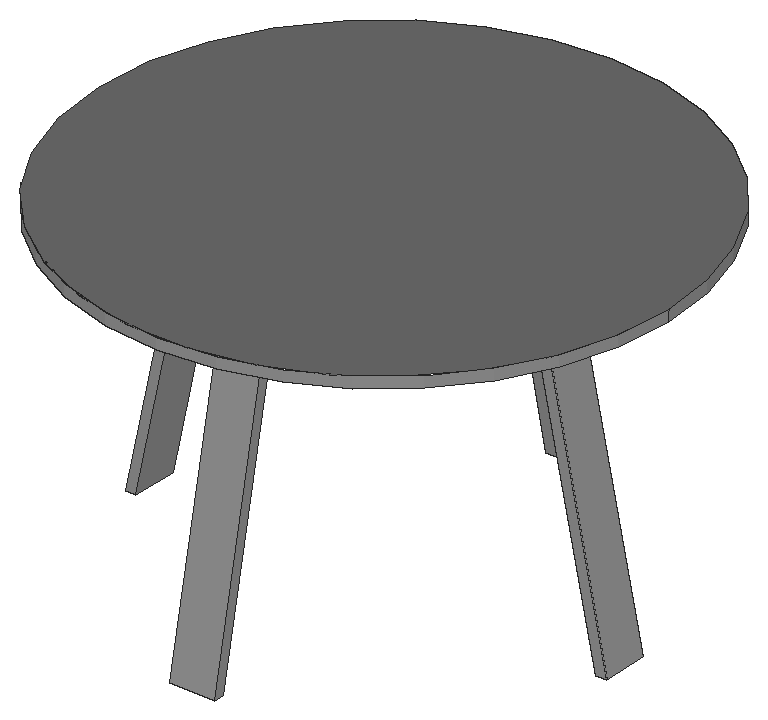
Revit family "Haworth_Cappellini_Bac_Table_Round_EU_PRELIMINARY", category Furniture, Revit 2018
Family settings
  OmniClass Number = 23.40.70.14.64.21
  OmniClass Title = Systems Furniture
  Work Plane-Based = No
  Always vertical = Yes
  Cut with Voids When Loaded = No
  Shared = No
  Room Calculation Point = No
Parameters (values of type "Round Table")
  Warranty = "http://www.haworth.com/resources/product-info/warranties"
  URL - Product = "https://www.haworth.com/eu/en/products/meeting-tables/bac-table.html"
  Top Finish [instance] = Haworth _ Linoleum _ Black E8-307
  Support Depth = 6.0027 cm  # constant formula
  Radius = Actual Width / 2  # 62.5 cm
  Model = "BAC4"  # constant formula
  URL = "https://www.haworth.com/eu/en.html"
  Support Height = 11 cm  # constant formula
  Size = "Verify Final Dim. w/ Haworth"  # constant formula
  Revision Number = "4"  # constant formula
  Manufacturer = "Haworth"  # constant formula
  Leg Depth = 10.0013 cm  # constant formula
  Description = "Haworth - Cappellini - Bac - Table - Round"  # constant formula
  Base Finish [instance] = Haworth _ Wood _ Undecided _ Tables
  Author = "Haworth (Hampton, Abd Rahman)"  # constant formula
  Assembly Code = "E2020200"
  Actual Width = 125 cm  # constant formula
  Actual Height = 74 cm  # constant formula
  Table Thickness = 2.5 cm  # constant formula
  Actual Depth = Actual Width  # 125 cm
Reference planes (cm)
  plane 1 "Center F/B": y = -0.403
  plane 2 "Floor": z = 0
  plane 3 "Center L/R": x = 0
  plane 4 "Table Edge Left": x = -62.5
  plane 5 "Table Edge Right": x = 62.5
  plane 6 "Table Edge Front": y = -62.903
  plane 7 "Table Edge Back": y = 62.097
  plane 8 "Table Top": z = 74
  plane 9 "masking region": z = 63
  plane 10 "Table Top Bottom": z = 71.5
  plane 11 "Leg Outside Back": y = 4.5976
  plane 12 "Leg Outside Front": y = -5.4036
  plane 13 "Leg Inside Back": y = 2.5984
  plane 14 "Leg Inside Front": y = -3.4044
  plane 15 "Leg Outside Left": x = -5.0006
  plane 16 "Leg Outside Right": x = 5.0006
  plane 17 "Leg Inside Left": x = -3.0014
  plane 18 "Leg Inside Right": x = 3.0014
Forms (cm)
  Extrusion 1, solid, material "Haworth _ Linoleum _ Black E8-307" <- "Top Finish"
    sketch origin (0, 0, 0) x (1, 0, 0) y (0, 1, 0)
      loop
        circle (0, -0.403) r 62.5
    from 71.5 to 74
  Extrusion 2, solid, material "Haworth _ Wood _ Undecided _ Tables" <- "Base Finish"
    sketch origin (0, -5.4036, 0) x (-1, 0, 0) y (0, 0, -1)
      loop
        line (52.7689, 0) -> (50.5197, 0) -> (35.4027, -71.5) -> (37.6518, -71.5) -> (52.7689, 0)
      loop
        line (-52.7689, 0) -> (-37.6518, -71.5) -> (-35.4027, -71.5) -> (-50.5197, 0) -> (-52.7689, 0)
    from -10.0005 to 0
  Extrusion 3, solid, material "Haworth _ Wood _ Undecided _ Tables" <- "Base Finish"
    sketch origin (0, -5.4036, 0) x (-1, 0, 0) y (0, 0, -1)
      loop
        line (35.4027, -71.5) -> (37.1998, -63) -> (-37.1998, -63) -> (-35.4027, -71.5) -> (35.4027, -71.5)
    from -8.002 to -1.9993
  Extrusion 4, solid, material "Haworth _ Wood _ Undecided _ Tables" <- "Base Finish"
    sketch origin (0, 0, 0) x (0, 1, 0) y (0, 0, 1)
      loop
        line (-50.9227, 0) -> (-35.8057, 71.5) -> (-38.0548, 71.5) -> (-53.1719, 0) -> (-50.9227, 0)
      loop
        line (50.1167, 0) -> (52.3659, 0) -> (37.2489, 71.5) -> (34.9997, 71.5) -> (50.1167, 0)
    from -5.0006 to 5.0006
  Extrusion 5, solid, material "Haworth _ Wood _ Undecided _ Tables" <- "Base Finish"
    sketch origin (0, 0, 0) x (0, 1, 0) y (0, 0, 1)
      loop
        line (-37.3314, 63) -> (-3.4044, 63) -> (-3.4044, 71.5) -> (-35.6211, 71.5) -> (-37.3314, 63)
      loop
        line (36.5255, 63) -> (34.8151, 71.5) -> (2.5984, 71.5) -> (2.5984, 63) -> (36.5255, 63)
    from -3.0014 to 3.0014
Lines and regions (cm)
  Masking region 1
    outline origin (0, 0, 63) x (0, -1, 0) y (1, 0, 0)
      loop
        circle (0.403, 0) r 62.5
  reference lines
    curve 1: circle (0, -0.403, 0) r 62.5 normal (0, 0, 1)
  symbolic lines, detail levels fine
    curve 2: line (-52.7689, 4.5969, 0) -> (-35.4027, 4.5969, 0)
    curve 3: line (-52.7689, -5.4036, 0) -> (-52.7689, 4.5969, 0)
    curve 4: line (-35.4027, -5.4036, 0) -> (-52.7689, -5.4036, 0)
    curve 5: line (-35.4027, 4.5969, 0) -> (-35.4027, -5.4036, 0)
    curve 6: line (-5.0006, 52.3659, 0) -> (5.0006, 52.3659, 0)
    curve 7: line (-5.0006, 34.9997, 0) -> (-5.0006, 52.3659, 0)
    curve 8: line (5.0006, 34.9997, 0) -> (-5.0006, 34.9997, 0)
    curve 9: line (5.0006, 52.3659, 0) -> (5.0006, 34.9997, 0)
    curve 10: line (35.4027, 4.5969, 0) -> (52.7689, 4.5969, 0)
    curve 11: line (35.4027, -5.4036, 0) -> (35.4027, 4.5969, 0)
    curve 12: line (52.7689, -5.4036, 0) -> (35.4027, -5.4036, 0)
    curve 13: line (52.7689, 4.5969, 0) -> (52.7689, -5.4036, 0)
    curve 14: line (-5.0006, -35.8057, 0) -> (5.0006, -35.8057, 0)
    curve 15: line (-5.0006, -53.1719, 0) -> (-5.0006, -35.8057, 0)
    curve 16: line (5.0006, -53.1719, 0) -> (-5.0006, -53.1719, 0)
    curve 17: line (5.0006, -35.8057, 0) -> (5.0006, -53.1719, 0)
    curve 18: line (-3.0014, 34.9997, 0) -> (-3.0014, -35.8057, 0)
    curve 19: line (3.0014, 34.9997, 0) -> (3.0014, -35.8057, 0)
    curve 20: line (-35.4027, 2.5984, 0) -> (35.4027, 2.5984, 0)
    curve 21: line (-35.4027, -3.4044, 0) -> (35.4027, -3.4044, 0)
Dimensions and locks (cm)
  "Actual Depth": plane 7 "Table Edge Back" to plane 6 "Table Edge Front"
  "Actual Width": plane 4 "Table Edge Left" to plane 5 "Table Edge Right"
  equal spacing: plane 4 "Table Edge Left", plane 3 "Center L/R", plane 5 "Table Edge Right"
  equal spacing: plane 7 "Table Edge Back", plane 1 "Center F/B", plane 6 "Table Edge Front"
  "Actual Height": plane 8 "Table Top" to level
  "Support Height": plane 8 "Table Top" to plane 9 "masking region"
  "Table Thickness": plane 8 "Table Top" to plane 10 "Table Top Bottom"
  equal spacing: plane 12 "Leg Outside Front", plane 1 "Center F/B", plane 11 "Leg Outside Back"
  "Leg Depth": plane 12 "Leg Outside Front" to plane 11 "Leg Outside Back"
  equal spacing: plane 13 "Leg Inside Back", plane 1 "Center F/B", plane 14 "Leg Inside Front"
  "Support Depth": plane 13 "Leg Inside Back" to plane 14 "Leg Inside Front"
  equal spacing: plane 17 "Leg Inside Left", plane 3 "Center L/R", plane 18 "Leg Inside Right"
  "Support Depth": plane 17 "Leg Inside Left" to plane 18 "Leg Inside Right"
  equal spacing: plane 15 "Leg Outside Left", plane 3 "Center L/R", plane 16 "Leg Outside Right"
  "Leg Depth": plane 15 "Leg Outside Left" to plane 16 "Leg Outside Right"
  "Radius": radius of curve 1
  aligned and locked: Extrusion 1 sketch curve to curve 1
  aligned and locked: Extrusion 1 to plane 8 "Table Top"
  aligned and locked: Masking region 1 sketch curve to Extrusion 1
  aligned and locked: Extrusion 1 to plane 10 "Table Top Bottom"
  aligned and locked: plane 12 "Leg Outside Front" to Extrusion 2
  aligned and locked: plane 13 "Leg Inside Back" to Extrusion 3
  aligned and locked: plane 14 "Leg Inside Front" to Extrusion 3
  aligned and locked: Extrusion 4 to plane 15 "Leg Outside Left"
  aligned and locked: Extrusion 4 to plane 16 "Leg Outside Right"
  aligned: Extrusion 5 to plane 15 "Leg Outside Left"
  aligned and locked: Extrusion 5 to plane 18 "Leg Inside Right"
  aligned and locked: Extrusion 5 to plane 17 "Leg Inside Left"
  aligned and locked: curve 2 to Extrusion 2
  aligned and locked: curve 3 to Extrusion 2
  aligned and locked: curve 4 to Extrusion 2
  aligned and locked: curve 5 to Extrusion 2
  aligned and locked: curve 6 to Extrusion 4
  aligned and locked: curve 7 to Extrusion 4
  aligned and locked: curve 8 to Extrusion 4
  aligned and locked: curve 11 to Extrusion 2
  aligned and locked: curve 12 to plane 12 "Leg Outside Front"
  aligned and locked: curve 13 to Extrusion 2
  aligned and locked: curve 14 to Extrusion 4
  aligned and locked: curve 15 to Extrusion 4
  aligned and locked: curve 16 to Extrusion 4
  aligned and locked: curve 17 to Extrusion 4
Automatic sketch dimensions
  plane 1 "Center F/B" to curve 1 = 0 cm
  curve 1 to plane 3 "Center L/R" = 0 cm
  curve 18 to plane 17 "Leg Inside Left" = 0 cm
  curve 19 to plane 18 "Leg Inside Right" = 0 cm
  curve 9 to plane 16 "Leg Outside Right" = 0 cm
  plane 14 "Leg Inside Front" to curve 21 = 0 cm
  curve 20 to plane 13 "Leg Inside Back" = 0 cm
  curve 10 to plane 11 "Leg Outside Back" = 0.0007 cm
  Extrusion 2 sketch curve to level = 0 cm  (x2)
  Extrusion 2 sketch curve to plane 10 "Table Top Bottom" = 0 cm  (x2)
  plane 5 "Table Edge Right" to Extrusion 2 sketch curve = 9.7311 cm
  Extrusion 2 sketch curve to Extrusion 2 sketch curve = 2.2491 cm  (x4)
  plane 5 "Table Edge Right" to Extrusion 2 sketch curve = 24.8482 cm
  Extrusion 2 sketch curve to plane 4 "Table Edge Left" = 27.0973 cm
  Extrusion 2 sketch curve to plane 4 "Table Edge Left" = 11.9803 cm
  Extrusion 3 sketch curve to plane 9 "masking region" = 0 cm
  Extrusion 3 sketch curve to plane 10 "Table Top Bottom" = 0 cm
  plane 5 "Table Edge Right" to Extrusion 3 sketch curve = 25.3002 cm
  Extrusion 3 sketch curve to Extrusion 3 sketch curve = 1.7971 cm  (x2)
  Extrusion 3 sketch curve to plane 4 "Table Edge Left" = 27.0973 cm
  Extrusion 4 sketch curve to level = 0 cm  (x2)
  Extrusion 4 sketch curve to plane 10 "Table Top Bottom" = 0 cm  (x2)
  plane 6 "Table Edge Front" to Extrusion 4 sketch curve = 9.7311 cm
  Extrusion 4 sketch curve to Extrusion 4 sketch curve = 2.2491 cm  (x4)
  plane 6 "Table Edge Front" to Extrusion 4 sketch curve = 24.8482 cm
  Extrusion 4 sketch curve to plane 7 "Table Edge Back" = 27.0973 cm
  Extrusion 4 sketch curve to plane 7 "Table Edge Back" = 11.9803 cm
  plane 9 "masking region" to Extrusion 5 sketch curve = 0 cm  (x2)
  Extrusion 5 sketch curve to plane 10 "Table Top Bottom" = 0 cm  (x2)
  Extrusion 5 sketch curve to plane 14 "Leg Inside Front" = 0 cm
  Extrusion 5 sketch curve to plane 13 "Leg Inside Back" = 0 cm
  plane 6 "Table Edge Front" to Extrusion 5 sketch curve = 27.2819 cm
  Extrusion 5 sketch curve to Extrusion 5 sketch curve = 1.7104 cm  (x2)
  Extrusion 5 sketch curve to plane 7 "Table Edge Back" = 27.2819 cm
